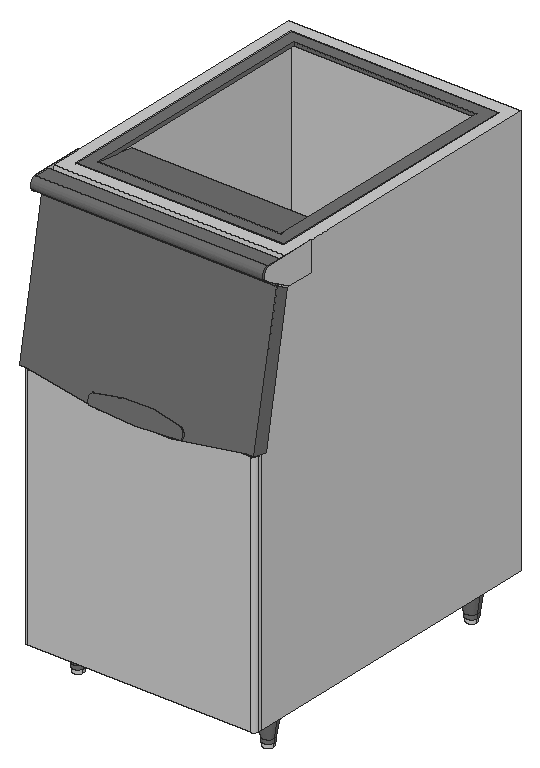
Revit family "QF_HOSHIZAKI_B-140SA", category Specialty Equipment, Revit 2016
Family settings
  Part Type = Normal
  Round Connector Dimension = Use Diameter
  OmniClass Number = 23.40.40.14
  OmniClass Title = Food Service Equipment
  Work Plane-Based = No
  Always vertical = Yes
  Cut with Voids When Loaded = No
  Shared = No
  Room Calculation Point = No
Parameters (values of type "B-140SA")
  Weight = 37.00 kg
  Waste Remarks [instance] = ""
  URL Cutsheet = ""
  URL = "www.hoshizaki-europe.com"
  Status [instance] = ""
  Specification by User [instance] = ""
  Specification by Manufacturer [instance] = ""
  Serial Number = ""
  Seismic Rating = ""
  SMACNA No = ""
  Revision Code [instance] = ""
  NAFEM Spec ID Number = ""
  Model = "B-140SA"
  Masterspec = ""
  Manufacturer = "HOSHIZAKI"
  Length Actual = 558 mm
  Item Number [instance] = ""
  Installed By [instance] = ""
  Indirect Waste Size = 19.05 mm
  Indirect Waste Connection Type [instance] = ""
  Indirect Waste Connection Height [instance] = 124 mm
  Identify Quantity as Lot [instance] = no
  Height Actual = 1106 mm
  Furnished By [instance] = ""
  Foodservice Equipment Identifier [instance] = yes
  Direct Waste RI Height [instance] = 0 mm
  Description = "B SERIES ICE STORAGE BIN, 140 KG CAPACITY"
  Depth Actual = 820 mm
  Cost = 0
  CSI MasterFormat = ""
  Assembly Code = "E1090320"
  Accessory = no
Reference planes
  plane 1 "Center (Front/Back)": y = 0
  plane 2: z = 0
  plane 3 "Center (Left/Right)": x = 0
Forms (mm)
  Extrusion 1, solid, not visible
    sketch origin (279, -2, 123) x (1, 0, 0) y (0, 1, 0)
      loop
        line (0, 0) -> (2, 0) -> (2, 2) -> (0, 2) -> (0, 0)
    from 0 to 2
Dimensions and locks
  aligned and locked: level to plane 2
Nested families
  nested 1: "QF_HOSHIZAKI_B-140SA" at (0, 0, 0), type "B-140SA"
    with Waste Water Discharge Temperature 0 °C, Status "", Specification by User "", Show Clearance yes, Revision Code "", Plumbing Remarks "", Plumbing Connection Type "", Number of Poles 1, Item Number "", Installed By "", Indirect Waste Connection Type "", Indirect Waste Connection Height 124 mm, Identify Quantity as Lot no, Furnished By "", Foodservice Equipment Identifier yes, Electrical Remarks "", Electric Connection Type "", Elec Conn RI Height 0 mm, Elec Conn Connection Height 0 mm, Conn Conduit no, Cold Water RI Height 0 mm, Cold Water Flow 0.0 L/s, Cold Water Consumption "", Cold Water Connection Height 0 mm
Connectors
  piping at (280, 0, 124), diameter 19.05, driven by "Indirect Waste Size"
    settings: on Extrusion 1, index 1, connector inside diameter 609.6 mm, connector length 0 mm, flow factor 0, pipe flow 0.0 L/s, pressure drop 0.0 Pa, fitting loss kfactor 0, connector angle 0.00°, fixture units 0, engagement length 0 mm, angle of deflection 0.00°, flow configuration 1, flow direction 2, fitting loss method 0, system type 16, joint type 0, gender type 0, connector reference index -1, connector utility 0, adjustable connector no, is connector primary yes, connector description "Drain connection for 'B-140SA'"
Definition of nested family "QF_HOSHIZAKI_B-140SA"
  Parameters (values of type "B-140SA")
    Weight in Pounds = 81.5709
    Electric power = 0 W
    Waste Water Discharge Temperature [instance] = 0 °C
    Volts = 0 V
    URL Cutsheet = "www.hoshizaki-europe.com"
    URL = "www.hoshizaki-europe.com"
    Status [instance] = ""
    Specification by User [instance] = ""
    Specification by Manufacturer = ""
    Show Clearance [instance] = yes
    Serial Number = ""
    Seismic Rating = ""
    SMACNA No = ""
    Revision Code [instance] = ""
    Plumbing Remarks [instance] = ""
    Plumbing Connection Type [instance] = ""
    Phase = 0
    Number of Poles [instance] = 1
    NAFEM Spec ID Number = ""
    Model = "B-140SA"
    Min Ckt Ampacity = 0 A
    Max Overcurrent Protection = 0 A
    Masterspec = ""
    Manufacturer = "HOSHIZAKI"
    Item Number [instance] = ""
    Installed By [instance] = ""
    Indirect Waste Size = 19.05 mm
    Indirect Waste Flow = 0.0 L/s
    Indirect Waste Connection Type [instance] = ""
    Indirect Waste Connection Height [instance] = 124 mm
    Identify Quantity as Lot [instance] = no
    HP power = ""
    Furnished By [instance] = ""
    Foodservice Equipment Identifier [instance] = yes
    FL Amps = 0 A
    Electrical Remarks [instance] = ""
    Electric Connection Type [instance] = ""
    Elec Conn RI Height [instance] = 0 mm
    Elec Conn Connection Height [instance] = 0 mm
    Description = "B SERIES ICE STORAGE BIN, 140 KG CAPACITY"
    Cycle = 0 Hz
    Conn Plug = ""
    Conn Conduit [instance] = no
    Cold Water Temperature Recommended = 0 °C
    Cold Water Size = 0 mm
    Cold Water RI Height [instance] = 0 mm
    Cold Water Minimum Pressure = 0.0 Pa
    Cold Water Maximum Pressure = 0.0 Pa
    Cold Water Flow [instance] = 0.0 L/s
    Cold Water Consumption [instance] = ""
    Cold Water Connection Height [instance] = 0 mm
    CSI MasterFormat = ""
    Assembly Code = "E1090320"
    Apparent Power = 0 VA
  Reference planes
    plane 1 "Back": y = 0
    plane 2: z = 0
    plane 3 "Left": x = 0
    plane 4 "Right": x = 578
    plane 5 "Front": y = -820
    plane 6 "Top": z = 1106
  Forms (mm)
    Extrusion 1, solid
      sketch origin (3, 0, 0) x (0, 1, 0) y (0, 0, 1)
        loop
          line (0, 90) -> (0, 1106) -> (-725.825, 1106) -> (-799, 705) -> (-799, 90) -> (0, 90)
      from 0 to 30
    Extrusion 2, solid
      sketch origin (545, 0, 0) x (0, 1, 0) y (0, 0, 1)
        loop
          line (0, 90) -> (0, 1106) -> (-725.825, 1106) -> (-799, 705) -> (-799, 90) -> (0, 90)
      from 0 to 30
    Extrusion 3, solid
      sketch origin (33, 0, 0) x (0, 1, 0) y (0, 0, 1)
        loop
          line (0, 90) -> (0, 1106) -> (-30, 1106) -> (-30, 120) -> (-799, 120) -> (-799, 90) -> (0, 90)
        loop
          line (-695.329, 1106) -> (-725.825, 1106) -> (-729.474, 1086) -> (-698.979, 1086) -> (-695.329, 1106)
      from 0 to 512
    Extrusion 4, solid
      sketch origin (0, 0, 0) x (1, 0, 0) y (0, 1, 0)
        loop
          line (14, -820) -> (564, -820)
          arc (564, -820) -> (571.778, -816.778) -> (575, -809) r 11
          line (575, -809) -> (575, -801.5) -> (3, -801.5) -> (3, -809)
          arc (3, -809) -> (6.222, -816.778) -> (14, -820) r 11
      from 90 to 697.985
    Extrusion 5, solid
      sketch origin (0, -15.579, -10.536) x (0, 0.999899, -0.014205) y (0, 0.014205, 0.999899)
        loop
          line (-820, 705) -> (-785.569, 698.717) -> (-724.26, 1034.687) -> (-756.537, 1052.78) -> (-820, 705)
      from 0 to 2
    Extrusion 6, solid
      sketch origin (576, -15.579, -10.536) x (0, 0.999899, -0.014205) y (0, 0.014205, 0.999899)
        loop
          line (-820, 705) -> (-785.569, 698.717) -> (-724.26, 1034.687) -> (-756.537, 1052.78) -> (-820, 705)
      from 0 to 2
    Extrusion 7, solid
      sketch origin (2, -15.579, -10.536) x (0, 0.999899, -0.014205) y (0, 0.014205, 0.999899)
        loop
          line (-820, 705) -> (-815.081, 704.102) -> (-751.926, 1050.195) -> (-756.537, 1052.78) -> (-820, 705)
      from 0 to 574
    Extrusion 8, solid
      sketch origin (0, -959.918, 13.974) x (1, 0, 0) y (0, 0.193473, 0.981106)
        loop
          arc (18, 705) -> (289, 674.065) -> (560, 705) r 1202.507
          line (560, 705) -> (18, 705)
      from -3 to 2
    Extrusion 9, solid
      sketch origin (0, -962.994, 13.142) x (1, 0, 0) y (0, 0.194832, 0.980837)
        loop
          arc (174.208, 682.003) -> (289, 675.459) -> (403.792, 682.003) r 1010.074
          arc (403.792, 682.003) -> (405.293, 696.369) -> (397.98, 708.825) r 23.131
          arc (397.98, 708.825) -> (289, 723.516) -> (180.02, 708.825) r 411.552
          arc (180.02, 708.825) -> (172.707, 696.369) -> (174.208, 682.003) r 23.131
      from 0 to 2
    Extrusion 10, solid
      sketch origin (1, 0, 0) x (0, 1, 0) y (0, 0, 1)
        loop
          line (-648.405, 1106) -> (-775.019, 1106)
          arc (-775.019, 1106) -> (-791.919, 1093.042) -> (-783.792, 1073.358) r 17.5
          line (-783.792, 1073.358) -> (-717.513, 1034.957) -> (-648.405, 1034.957) -> (-648.405, 1106)
      from 0 to 2
    Extrusion 11, solid
      sketch origin (575, 0, 0) x (0, 1, 0) y (0, 0, 1)
        loop
          line (-648.405, 1106) -> (-775.019, 1106)
          arc (-775.019, 1106) -> (-791.919, 1093.042) -> (-783.792, 1073.358) r 17.5
          line (-783.792, 1073.358) -> (-717.513, 1034.957) -> (-648.405, 1034.957) -> (-648.405, 1106)
      from 0 to 2
    Extrusion 12, solid
      sketch origin (0, 0, 0) x (0, 1, 0) y (0, 0, 1)
        loop
          line (-752.511, 1050.234) -> (-742.678, 1106) -> (-780.905, 1106)
          arc (-780.905, 1106) -> (-795.091, 1086.127) -> (-771.687, 1079.166) r 15
          arc (-771.687, 1079.166) -> (-759.498, 1071.472) -> (-756.285, 1057.42) r 18.89
          line (-756.285, 1057.42) -> (-757.085, 1052.884) -> (-752.511, 1050.234)
      from 575 to 3
    Extrusion 13, solid
      sketch origin (0, 0, 0) x (1, 0, 0) y (0, 1, 0)
        loop
          line (33, -30) -> (33, -693.505) -> (545, -693.505) -> (545, -30) -> (33, -30)
        loop
          line (515, -60) -> (63, -60) -> (63, -663.505) -> (515, -663.505) -> (515, -60)
      from 1096 to 1106
    Extrusion 14, solid
      sketch origin (0, 0, 0) x (0, 1, 0) y (0, 0, 1)
        loop
          line (-663.505, 1106) -> (-663.505, 1086) -> (-559.526, 1086) -> (-559.526, 1091.387) -> (-663.505, 1106)
      from 515 to 63
    Revolve 15, solid
      sketch origin (83.165, -714, 0) x (-1, 0, 0) y (0, 0, -1)
        loop
          line (0, -90) -> (28.682, -90) -> (28.682, -10.76) -> (13.682, -10.76) -> (13.682, -20.76) -> (5, -70) -> (5, -80) -> (0, -80) -> (0, -90)
        axis (28.682, -90) -> (28.682, -10.76)
      angle from 0 to 360
    Extrusion 16, solid
      sketch origin (54.482, -714, 0) x (-1, 0, 0) y (0, -1, 0)
        loop
          circle (0, 0) r 12.5
      from 0 to 10.76
    Revolve 17, solid
      sketch origin (552.165, -714, 0) x (-1, 0, 0) y (0, 0, -1)
        loop
          line (0, -90) -> (28.682, -90) -> (28.682, -10.76) -> (13.682, -10.76) -> (13.682, -20.76) -> (5, -70) -> (5, -80) -> (0, -80) -> (0, -90)
        axis (28.682, -90) -> (28.682, -10.76)
      angle from 0 to 360
    Extrusion 18, solid
      sketch origin (523.482, -714, 0) x (-1, 0, 0) y (0, -1, 0)
        loop
          circle (0, 0) r 12.5
      from 0 to 10.76
    Revolve 19, solid
      sketch origin (83.165, -87, 0) x (-1, 0, 0) y (0, 0, -1)
        loop
          line (0, -90) -> (28.682, -90) -> (28.682, -10.76) -> (13.682, -10.76) -> (13.682, -20.76) -> (5, -70) -> (5, -80) -> (0, -80) -> (0, -90)
        axis (28.682, -90) -> (28.682, -10.76)
      angle from 0 to 360
    Extrusion 20, solid
      sketch origin (54.482, -87, 0) x (-1, 0, 0) y (0, -1, 0)
        loop
          circle (0, 0) r 12.5
      from 0 to 10.76
    Revolve 21, solid
      sketch origin (552.165, -87, 0) x (-1, 0, 0) y (0, 0, -1)
        loop
          line (0, -90) -> (28.682, -90) -> (28.682, -10.76) -> (13.682, -10.76) -> (13.682, -20.76) -> (5, -70) -> (5, -80) -> (0, -80) -> (0, -90)
        axis (28.682, -90) -> (28.682, -10.76)
      angle from 0 to 360
    Extrusion 22, solid
      sketch origin (523.482, -87, 0) x (-1, 0, 0) y (0, -1, 0)
        loop
          circle (0, 0) r 12.5
      from 0 to 10.76
    Extrusion 23, solid, visible <- "Show Clearance", detail levels coarse
      sketch origin (0, 0, -10) x (0, 1, 0) y (0, 0, 1)
        loop
          arc (-780.905, 1076.91) -> (-795.875, 1090.97) -> (-782.782, 1106.792) r 15
          line (-782.782, 1106.792) -> (-798.102, 1104.86)
          arc (-798.102, 1104.86) -> (-806.721, 1112.147) -> (-809.647, 1123.048) r 18.89
          line (-809.647, 1123.048) -> (-786.056, 1463.217) -> (-784.298, 1463.093) -> (-780.905, 1511.068)
          arc (-780.905, 1511.068) -> (-1199.238, 1118.187) -> (-833.355, 676.046) r 419.158
          line (-833.355, 676.046) -> (-823.984, 723.22) -> (-822.256, 722.876) -> (-756.285, 1057.42)
          arc (-756.285, 1057.42) -> (-757.823, 1068.602) -> (-765.463, 1076.91) r 18.89
          line (-765.463, 1076.91) -> (-780.905, 1076.91)
      from 3 to 575
    Extrusion 24, solid
      sketch origin (0, 0, 0) x (1, 0, 0) y (0, 0, 1)
        loop
          circle (280, 127) r 10
      from 0 to -20
  Cuts and joins
    joined: Extrusion 1, Extrusion 2, Extrusion 3
    joined: Extrusion 5, Extrusion 6, Extrusion 7, Extrusion 8, Extrusion 12
  Lines and regions (mm)
    symbolic lines, visible <- "Show Clearance"
      curve 1: line (3, -1200.063, 0) -> (3, -825.482, 0)
      curve 2: line (575, -1200.063, 0) -> (575, -825.482, 0)
      curve 3: line (3, -1200.063, 0) -> (575, -1200.063, 0)
    symbolic lines
      curve 4: line (0, 0, 0) -> (578, 0, 0)
      curve 5: line (0, -825.482, 0) -> (0, 0, 0)
      curve 6: line (578, -825.482, 0) -> (0, -825.482, 0)
      curve 7: line (578, 0, 0) -> (578, -825.482, 0)
      curve 8: arc (18, -825.482, 0) -> (94.897, -828.409, 0) -> (171.824, -830.369, 0) r 6112.23
      curve 9: arc (171.824, -830.369, 0) -> (289, -833.355, 0) -> (406.176, -830.369, 0) r 2300.706
      curve 10: arc (560, -825.482, 0) -> (483.103, -828.409, 0) -> (406.176, -830.369, 0) r 6112.23
      curve 11: line (0, -798.102, 0) -> (578, -798.102, 0)
      curve 12: line (0, -723.102, 0) -> (578, -723.102, 0)
      curve 13: line (0, -698.102, 0) -> (578, -698.102, 0)
      curve 14: line (33, -30, 0) -> (545, -30, 0)
      curve 15: line (33, -668, 0) -> (545, -668, 0)
      curve 16: line (33, -30, 0) -> (33, -668, 0)
      curve 17: line (545, -668, 0) -> (545, -30, 0)
      curve 18: line (63, -60, 0) -> (515, -60, 0)
      curve 19: line (63, -60, 0) -> (63, -578, 0)
      curve 20: line (515, -578, 0) -> (515, -60, 0)
      curve 21: line (63, -578, 0) -> (515, -578, 0)
  Dimensions and locks
    plane 6 "Top" to level = 1106 mm
    aligned and locked: level to plane 2
  Connectors
    piping at (280, 20, 127), diameter 19.05, driven by "Indirect Waste Size", driven by "Indirect Waste Flow"
      settings: on Extrusion 24, index 1, connector inside diameter 609.6 mm, connector length 0 mm, flow factor 0, pipe flow 0.0 L/s, pressure drop 0.0 Pa, fitting loss kfactor 0, connector angle 0.00°, fixture units 0, engagement length 0 mm, angle of deflection 0.00°, flow configuration 1, flow direction 2, fitting loss method 0, system type 16, joint type 0, gender type 0, connector reference index -1, connector utility 0, adjustable connector no, is connector primary yes, connector description "Drain connection"
